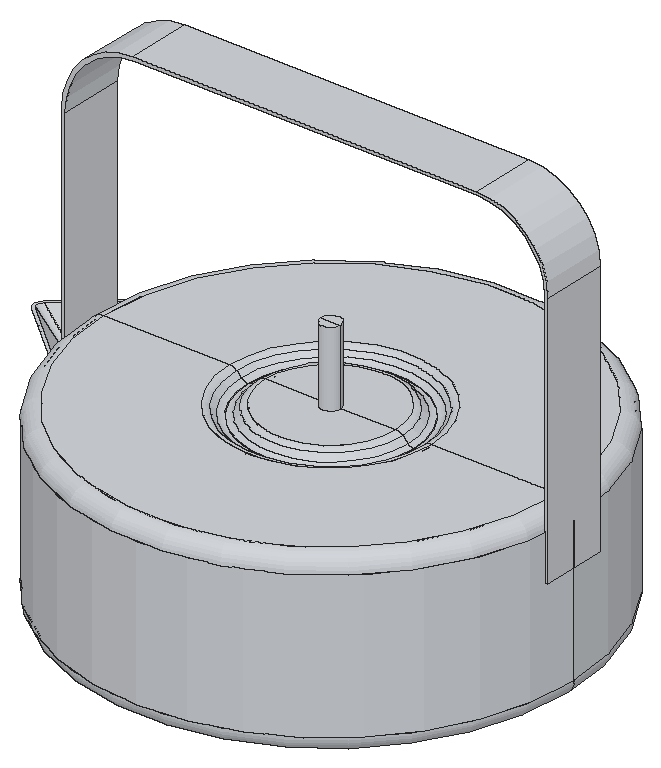
Revit family "418_TeaPot", category Modèles génériques, Revit 2024
Family settings
  Peut héberger une armature = Non
  Cote de connecteur circulaire = Utiliser le diamètre
  Type d'élément = Normal
  Basée sur le plan de construction = Non
  Toujours verticalement = Oui
  Couper avec des vides une fois chargée = Non
  Conserver l'orientation des annotations = Non
  Partagée = Non
  Repère de localisation dans la pièce = Non
Parameters
  Elévation par défaut = 0 mm
Reference planes
  plane 1 "Centre (avant/arrière)": y = 0
  plane 2: z = 0
  plane 3 "Centre (gauche/droite)": x = 0
  plane 4: z = 36
  plane 5: z = 55
Forms (mm)
  Revolve 1, solid
    sketch origin (0, 0, 0) x (1, 0, 0) y (0, 0, 1)
      loop
        line (0, 0) -> (0, 1) -> (-70, 1)
        arc (-70, 1) -> (-72.828, 2.172) -> (-74, 5) r 4
        line (-74, 5) -> (-74, 50)
        arc (-74, 50) -> (-72.828, 52.828) -> (-70, 54) r 4
        line (-70, 54) -> (-31.243, 54)
        arc (-31.243, 54) -> (-30.48, 53.849) -> (-29.832, 53.418) r 2
        line (-29.832, 53.418) -> (-28.48, 52.036)
        arc (-28.48, 52.036) -> (-27.156, 51.155) -> (-25.596, 50.846) r 4.089
        line (-25.596, 50.846) -> (-25.596, 51.846)
        arc (-25.596, 51.846) -> (-26.772, 52.079) -> (-27.77, 52.741) r 3.089
        line (-27.77, 52.741) -> (-29.121, 54.121)
        arc (-29.121, 54.121) -> (-30.095, 54.772) -> (-31.243, 55) r 3
        line (-31.243, 55) -> (-70, 55)
        arc (-70, 55) -> (-73.536, 53.536) -> (-75, 50) r 5
        line (-75, 50) -> (-75, 5)
        arc (-75, 5) -> (-73.536, 1.464) -> (-70, 0) r 5
        line (-70, 0) -> (0, 0)
      axis (0, 55) -> (0, 0)
    angle from 0 to 360
  Revolve 2, solid
    sketch origin (0, 0, 0) x (1, 0, 0) y (0, 0, 1)
      loop
        line (-3, 55) -> (-20.088, 55)
        arc (-20.088, 55) -> (-21.161, 54.745) -> (-22.071, 54.121) r 3.021
        line (-22.071, 54.121) -> (-23.683, 52.509)
        arc (-23.683, 52.509) -> (-24.584, 52.016) -> (-25.596, 51.846) r 3.077
        line (-25.596, 51.846) -> (-25.596, 50.846)
        arc (-25.596, 50.846) -> (-24.226, 51.082) -> (-23.014, 51.764) r 4.077
        line (-23.014, 51.764) -> (-21.365, 53.414)
        arc (-21.365, 53.414) -> (-20.766, 53.826) -> (-20.06, 54) r 2.021
        line (-20.06, 54) -> (0, 54) -> (0, 78) -> (-3, 78) -> (-3, 55)
      axis (0, 78) -> (0, 50.846)
    angle from 0 to 360
  Extrusion 3, solid
    sketch origin (0, 0, 0) x (1, 0, 0) y (0, 0, 1)
      loop
        line (-52.183, 136) -> (53.102, 136)
        arc (53.102, 136) -> (67.883, 129.878) -> (74.005, 115.096) r 20.904
        line (74.005, 115.096) -> (74.005, 36.22) -> (75.005, 36.22) -> (75.005, 115)
        arc (75.005, 115) -> (68.562, 130.556) -> (53.005, 137) r 22
        line (53.005, 137) -> (-52.995, 137)
        arc (-52.995, 137) -> (-68.551, 130.556) -> (-74.995, 115) r 22
        line (-74.995, 115) -> (-74.995, 48.346) -> (-73.995, 48.346) -> (-73.995, 114.188)
        arc (-73.995, 114.188) -> (-67.606, 129.611) -> (-52.183, 136) r 21.812
    from -10 to 10
  Blend 4, solid
    base sketch origin (0, -1524, 55) x (0, -1, 0) y (1, 0, 0)
      loop
        arc (-1506.478, -72.925) -> (-1507.305, -73.118) -> (-1508.134, -73.303) r 75
        line (-1508.134, -73.303) -> (-1522.492, -89.785)
        arc (-1522.492, -89.785) -> (-1524, -90.472) -> (-1525.508, -89.785) r 2
        line (-1525.508, -89.785) -> (-1539.866, -73.303)
        arc (-1539.866, -73.303) -> (-1540.695, -73.118) -> (-1541.522, -72.925) r 75
        line (-1541.522, -72.925) -> (-1526.262, -90.442)
        arc (-1526.262, -90.442) -> (-1524, -91.472) -> (-1521.738, -90.442) r 3
        line (-1521.738, -90.442) -> (-1506.478, -72.925)
    top sketch origin (0, -1524, 36) x (0, -1, 0) y (1, 0, 0)
      loop
        line (-1522.961, -73.295) -> (-1520.536, -69.095) -> (-1521.691, -69.095) -> (-1523.221, -71.745)
        arc (-1523.221, -71.745) -> (-1524, -72.195) -> (-1524.779, -71.745) r 0.9
        line (-1524.779, -71.745) -> (-1526.309, -69.095) -> (-1527.464, -69.095) -> (-1525.039, -73.295)
        arc (-1525.039, -73.295) -> (-1524, -73.895) -> (-1522.961, -73.295) r 1.2
    from -4.154 to -5.002
Dimensions and locks
  aligned and locked: level to plane 2
